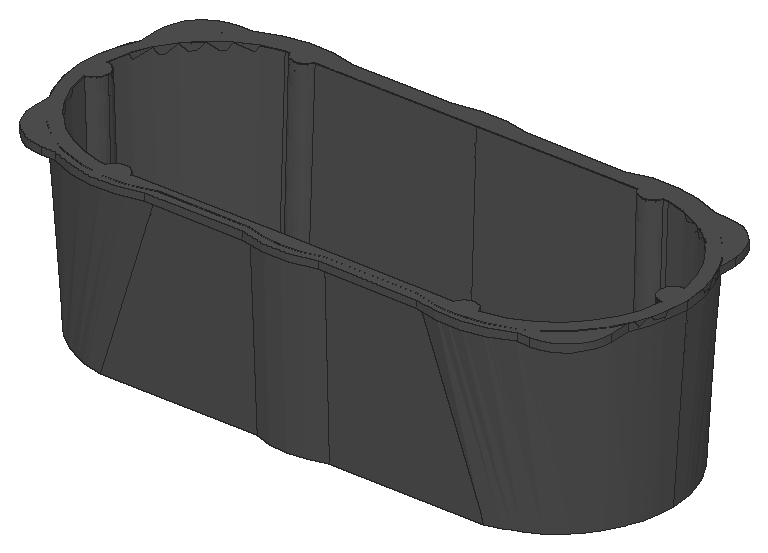
Revit family "70281", category Luminarias, Revit 2018
Family settings
  Cota de conector redondo = Diámetro de uso
  Tipo de pieza = Normal
  Número OmniClass = 23.80.70.00
  Título OmniClass = Lighting
  Se basa en plano de trabajo = Sí
  Siempre vertical = No
  Corte con vacíos al cargar = Sí
  Origen de luz = No
  Compartido = No
  Punto de cálculo de habitación = No
Parameters (values of type "70281 Recessed box DART-2")
  Voltage = ""
  URL = "https://www.faro.es/"
  Model = ""
  Fabricante = "FARO Barcelona"  # constant formula
  Lamp = ""
  FARO_URL Model = "https://faro.es/en/productos/caja-empotrable-dart-2/"
  FARO_Subcategory = ""
  FARO_Ref_Accessory = ""
  FARO_Ref = "70281"
  FARO_Model Line = "DART 2"  # constant formula
  FARO_Material_01 [instance] = FARO_Black Paint
  FARO_Last Actualization Date = "23/06/2020"  # constant formula
  FARO_EAN = "8421776183445"
  FARO_Description ES = ""
  FARO_Description EN = "Recessed box DART-2"
  FARO_Category = "Accessories"  # constant formula
  Default Elevation = 1219.2 mm
  Assembly Code = ""
Reference planes
  plane 1 "Light Source Axis (F/B)": y = 0
  plane 2: z = -0.312
  plane 3 "Light Source Axis (L/R)": x = 0
  plane 4 "Light Source Elevation": z = 800
Forms (mm)
  SweptBlend 1, solid, material "FARO_Black Paint" <- "FARO_Material_01"
    path origin (0, 0, 50) x (1, 0, 0) y (0, 0, 1)
      loop
        line (0, -50.312) -> (0, -0.312)
    profile origin (0, 0, -0.312) x (-1, 0, 0) y (0, -1, 0)
      loop
        line (9.543, -30.3) -> (50.64, -30.3)
        arc (50.64, -30.3) -> (69.149, -19.873) -> (76.659, 0) r 31.13
        arc (76.659, 0) -> (69.149, 19.873) -> (50.64, 30.3) r 31.13
        line (50.64, 30.3) -> (9.543, 30.3)
        arc (9.543, 30.3) -> (0, 32.093) -> (-9.543, 30.3) r 26.297
        line (-9.543, 30.3) -> (-50.64, 30.3)
        arc (-50.64, 30.3) -> (-69.149, 19.873) -> (-76.659, 0) r 31.13
        arc (-76.659, 0) -> (-69.149, -19.873) -> (-50.64, -30.3) r 31.13
        line (-50.64, -30.3) -> (-9.543, -30.3)
        arc (-9.543, -30.3) -> (0, -32.093) -> (9.543, -30.3) r 26.297
    end profile origin (0, 0, 49.688) x (-1, 0, 0) y (0, -1, 0)
      loop
        line (9.912, -32.3) -> (34.156, -32.3)
        arc (34.156, -32.3) -> (65.431, -27.934) -> (80.16, 0) r 34.63
        arc (80.16, 0) -> (65.431, 27.934) -> (34.156, 32.3) r 34.63
        line (34.156, 32.3) -> (9.912, 32.3)
        arc (9.912, 32.3) -> (0, 34.093) -> (-9.912, 32.3) r 28.297
        line (-9.912, 32.3) -> (-34.156, 32.3)
        arc (-34.156, 32.3) -> (-65.431, 27.934) -> (-80.16, 0) r 34.63
        arc (-80.16, 0) -> (-65.431, -27.934) -> (-34.156, -32.3) r 34.63
        line (-34.156, -32.3) -> (-9.912, -32.3)
        arc (-9.912, -32.3) -> (0, -34.093) -> (9.912, -32.3) r 28.297
  SweptBlend 2, void
    path origin (0, 0, 50) x (1, 0, 0) y (0, 0, 1)
      loop
        line (0, -50.312) -> (0, -0.312)
    profile origin (0, 0, -0.312) x (-1, 0, 0) y (0, -1, 0)
      loop
        line (0, -28.1) -> (42.679, -28.1)
        arc (42.679, -28.1) -> (45.98, -26.762) -> (49.282, -28.1) r 4.743
        line (49.282, -28.1) -> (50.455, -28.1)
        arc (50.455, -28.1) -> (65.977, -20.06) -> (74.035, -4.546) r 28.93
        arc (74.035, -4.546) -> (72.113, -2.625) -> (71.41, 0) r 5.249
        arc (71.41, 0) -> (72.113, 2.625) -> (74.035, 4.546) r 5.249
        arc (74.035, 4.546) -> (65.977, 20.06) -> (50.455, 28.1) r 28.93
        line (50.455, 28.1) -> (49.282, 28.1)
        arc (49.282, 28.1) -> (45.98, 26.762) -> (42.679, 28.1) r 4.743
        line (42.679, 28.1) -> (0, 28.1) -> (-42.679, 28.1)
        arc (-42.679, 28.1) -> (-45.98, 26.762) -> (-49.282, 28.1) r 4.743
        line (-49.282, 28.1) -> (-50.455, 28.1)
        arc (-50.455, 28.1) -> (-65.977, 20.06) -> (-74.035, 4.546) r 28.93
        arc (-74.035, 4.546) -> (-72.113, 2.625) -> (-71.41, 0) r 5.249
        arc (-71.41, 0) -> (-72.113, -2.625) -> (-74.035, -4.546) r 5.249
        arc (-74.035, -4.546) -> (-65.977, -20.06) -> (-50.455, -28.1) r 28.93
        line (-50.455, -28.1) -> (-49.282, -28.1)
        arc (-49.282, -28.1) -> (-45.98, -26.762) -> (-42.679, -28.1) r 4.743
        line (-42.679, -28.1) -> (0, -28.1)
    end profile origin (0, 0, 49.688) x (-1, 0, 0) y (0, -1, 0)
      loop
        line (0, -30.3) -> (42.704, -30.3)
        arc (42.704, -30.3) -> (46.008, -27.986) -> (49.311, -30.3) r 3.515
        line (49.311, -30.3) -> (50.64, -30.3)
        arc (50.64, -30.3) -> (67.886, -21.257) -> (76.385, -3.736) r 31.13
        arc (76.385, -3.736) -> (73.901, -2.553) -> (72.873, 0) r 3.787
        arc (72.873, 0) -> (73.901, 2.553) -> (76.385, 3.736) r 3.787
        arc (76.385, 3.736) -> (67.886, 21.257) -> (50.64, 30.3) r 31.13
        line (50.64, 30.3) -> (49.311, 30.3)
        arc (49.311, 30.3) -> (46.008, 27.986) -> (42.704, 30.3) r 3.515
        line (42.704, 30.3) -> (0, 30.3) -> (-42.704, 30.3)
        arc (-42.704, 30.3) -> (-46.008, 27.986) -> (-49.311, 30.3) r 3.515
        line (-49.311, 30.3) -> (-50.64, 30.3)
        arc (-50.64, 30.3) -> (-67.886, 21.257) -> (-76.385, 3.736) r 31.13
        arc (-76.385, 3.736) -> (-73.901, 2.553) -> (-72.873, 0) r 3.787
        arc (-72.873, 0) -> (-73.901, -2.553) -> (-76.385, -3.736) r 3.787
        arc (-76.385, -3.736) -> (-67.886, -21.257) -> (-50.64, -30.3) r 31.13
        line (-50.64, -30.3) -> (-49.311, -30.3)
        arc (-49.311, -30.3) -> (-46.008, -27.986) -> (-42.704, -30.3) r 3.515
        line (-42.704, -30.3) -> (0, -30.3)
  Extrusion 3, solid, material "FARO_Black Paint" <- "FARO_Material_01"
    sketch origin (0, 0, -0.312) x (1, 0, 0) y (0, 1, 0)
      loop
        line (0, 30.3) -> (-42.704, 30.3)
        arc (-42.704, 30.3) -> (-46.008, 27.986) -> (-49.311, 30.3) r 3.515
        line (-49.311, 30.3) -> (-50.64, 30.3)
        arc (-50.64, 30.3) -> (-67.886, 21.257) -> (-76.385, 3.736) r 31.13
        arc (-76.385, 3.736) -> (-73.901, 2.553) -> (-72.873, 0) r 3.787
        arc (-72.873, 0) -> (-73.901, -2.553) -> (-76.385, -3.736) r 3.787
        arc (-76.385, -3.736) -> (-67.886, -21.257) -> (-50.64, -30.3) r 31.13
        line (-50.64, -30.3) -> (-49.311, -30.3)
        arc (-49.311, -30.3) -> (-46.008, -27.986) -> (-42.704, -30.3) r 3.515
        line (-42.704, -30.3) -> (0, -30.3) -> (42.704, -30.3)
        arc (42.704, -30.3) -> (46.008, -27.986) -> (49.311, -30.3) r 3.515
        line (49.311, -30.3) -> (50.64, -30.3)
        arc (50.64, -30.3) -> (67.886, -21.257) -> (76.385, -3.736) r 31.13
        arc (76.385, -3.736) -> (73.901, -2.553) -> (72.873, 0) r 3.787
        arc (72.873, 0) -> (73.901, 2.553) -> (76.385, 3.736) r 3.787
        arc (76.385, 3.736) -> (67.886, 21.257) -> (50.64, 30.3) r 31.13
        line (50.64, 30.3) -> (49.311, 30.3)
        arc (49.311, 30.3) -> (46.008, 27.986) -> (42.704, 30.3) r 3.515
        line (42.704, 30.3) -> (0, 30.3)
      loop
        arc (-36.013, 34.5) -> (-48.719, 36) -> (-61.025, 32.5) r 32.637
        line (-61.025, 32.5) -> (-64.518, 32.5)
        arc (-64.518, 32.5) -> (-73.003, 28.985) -> (-76.518, 20.5) r 12
        line (-76.518, 20.5) -> (-76.518, 15.054)
        arc (-76.518, 15.054) -> (-79.191, 7.733) -> (-80.16, 0) r 34.63
        arc (-80.16, 0) -> (-79.191, -7.733) -> (-76.518, -15.054) r 34.63
        line (-76.518, -15.054) -> (-76.518, -20.5)
        arc (-76.518, -20.5) -> (-73.003, -28.985) -> (-64.518, -32.5) r 12
        line (-64.518, -32.5) -> (-61.025, -32.5)
        arc (-61.025, -32.5) -> (-48.719, -36) -> (-36.013, -34.5) r 32.637
        line (-36.013, -34.5) -> (-9.987, -34.5)
        arc (-9.987, -34.5) -> (0, -36.058) -> (9.987, -34.5) r 32.796
        line (9.987, -34.5) -> (36.013, -34.5)
        arc (36.013, -34.5) -> (48.719, -36) -> (61.025, -32.5) r 32.637
        line (61.025, -32.5) -> (64.518, -32.5)
        arc (64.518, -32.5) -> (73.003, -28.985) -> (76.518, -20.5) r 12
        line (76.518, -20.5) -> (76.518, -15.054)
        arc (76.518, -15.054) -> (79.191, -7.733) -> (80.16, 0) r 34.63
        arc (80.16, 0) -> (79.191, 7.733) -> (76.518, 15.054) r 34.63
        line (76.518, 15.054) -> (76.518, 20.5)
        arc (76.518, 20.5) -> (73.003, 28.985) -> (64.518, 32.5) r 12
        line (64.518, 32.5) -> (61.025, 32.5)
        arc (61.025, 32.5) -> (48.719, 36) -> (36.013, 34.5) r 32.637
        line (36.013, 34.5) -> (9.987, 34.5)
        arc (9.987, 34.5) -> (0, 36.058) -> (-9.987, 34.5) r 32.796
        line (-9.987, 34.5) -> (-36.013, 34.5)
    from 48 to 50
  Extrusion 4, solid, material "FARO_Black Paint" <- "FARO_Material_01"
    sketch origin (0, 0, -0.312) x (1, 0, 0) y (0, 1, 0)
      loop
        line (0, 28.1) -> (-42.679, 28.1)
        arc (-42.679, 28.1) -> (-45.98, 26.762) -> (-49.282, 28.1) r 4.743
        line (-49.282, 28.1) -> (-50.455, 28.1)
        arc (-50.455, 28.1) -> (-65.977, 20.06) -> (-74.035, 4.546) r 28.93
        arc (-74.035, 4.546) -> (-72.113, 2.625) -> (-71.41, 0) r 5.249
        arc (-71.41, 0) -> (-72.113, -2.625) -> (-74.035, -4.546) r 5.249
        arc (-74.035, -4.546) -> (-65.977, -20.06) -> (-50.455, -28.1) r 28.93
        line (-50.455, -28.1) -> (-49.282, -28.1)
        arc (-49.282, -28.1) -> (-45.98, -26.762) -> (-42.679, -28.1) r 4.743
        line (-42.679, -28.1) -> (0, -28.1) -> (42.679, -28.1)
        arc (42.679, -28.1) -> (45.98, -26.762) -> (49.282, -28.1) r 4.743
        line (49.282, -28.1) -> (50.455, -28.1)
        arc (50.455, -28.1) -> (65.977, -20.06) -> (74.035, -4.546) r 28.93
        arc (74.035, -4.546) -> (72.113, -2.625) -> (71.41, 0) r 5.249
        arc (71.41, 0) -> (72.113, 2.625) -> (74.035, 4.546) r 5.249
        arc (74.035, 4.546) -> (65.977, 20.06) -> (50.455, 28.1) r 28.93
        line (50.455, 28.1) -> (49.282, 28.1)
        arc (49.282, 28.1) -> (45.98, 26.762) -> (42.679, 28.1) r 4.743
        line (42.679, 28.1) -> (0, 28.1)
      loop
        arc (-4.94, 10.171) -> (0, 11.308) -> (4.94, 10.171) r 11.308
        line (4.94, 10.171) -> (5.634, 11.374)
        arc (5.634, 11.374) -> (0, 12.693) -> (-5.634, 11.374) r 12.693
        line (-5.634, 11.374) -> (-4.94, 10.171)
      loop
        arc (-7.033, 10.566) -> (-10.992, 6.346) -> (-12.667, 0.808) r 12.693
        line (-12.667, 0.808) -> (-11.279, 0.808)
        arc (-11.279, 0.808) -> (-9.793, 5.654) -> (-6.339, 9.364) r 11.308
        line (-6.339, 9.364) -> (-7.033, 10.566)
      loop
        arc (11.279, -0.808) -> (9.793, -5.654) -> (6.339, -9.364) r 11.308
        line (6.339, -9.364) -> (7.033, -10.566)
        arc (7.033, -10.566) -> (10.992, -6.346) -> (12.667, -0.808) r 12.693
        line (12.667, -0.808) -> (11.279, -0.808)
      loop
        arc (12.667, 0.807) -> (10.992, 6.346) -> (7.033, 10.566) r 12.693
        line (7.033, 10.566) -> (6.339, 9.364)
        arc (6.339, 9.364) -> (9.793, 5.654) -> (11.279, 0.807) r 11.308
        line (11.279, 0.807) -> (12.667, 0.807)
      loop
        arc (-6.339, -9.364) -> (-9.793, -5.654) -> (-11.279, -0.808) r 11.308
        line (-11.279, -0.808) -> (-12.667, -0.808)
        arc (-12.667, -0.808) -> (-10.992, -6.346) -> (-7.033, -10.566) r 12.693
        line (-7.033, -10.566) -> (-6.339, -9.364)
      loop
        arc (-5.634, -11.374) -> (0, -12.693) -> (5.634, -11.374) r 12.693
        line (5.634, -11.374) -> (4.94, -10.171)
        arc (4.94, -10.171) -> (0, -11.308) -> (-4.94, -10.171) r 11.308
        line (-4.94, -10.171) -> (-5.634, -11.374)
      loop
        arc (-45.94, 10.171) -> (-41, 11.308) -> (-36.06, 10.171) r 11.308
        line (-36.06, 10.171) -> (-35.366, 11.374)
        arc (-35.366, 11.374) -> (-41, 12.693) -> (-46.634, 11.374) r 12.693
        line (-46.634, 11.374) -> (-45.94, 10.171)
      loop
        arc (-48.033, 10.566) -> (-51.992, 6.346) -> (-53.667, 0.808) r 12.693
        line (-53.667, 0.808) -> (-52.279, 0.808)
        arc (-52.279, 0.808) -> (-50.793, 5.654) -> (-47.339, 9.364) r 11.308
        line (-47.339, 9.364) -> (-48.033, 10.566)
      loop
        arc (-29.721, -0.808) -> (-31.207, -5.654) -> (-34.661, -9.364) r 11.308
        line (-34.661, -9.364) -> (-33.967, -10.566)
        arc (-33.967, -10.566) -> (-30.008, -6.346) -> (-28.333, -0.808) r 12.693
        line (-28.333, -0.808) -> (-29.721, -0.808)
      loop
        arc (-28.333, 0.807) -> (-30.008, 6.346) -> (-33.967, 10.566) r 12.693
        line (-33.967, 10.566) -> (-34.661, 9.364)
        arc (-34.661, 9.364) -> (-31.207, 5.654) -> (-29.721, 0.807) r 11.308
        line (-29.721, 0.807) -> (-28.333, 0.807)
      loop
        arc (-47.339, -9.364) -> (-50.793, -5.654) -> (-52.279, -0.808) r 11.308
        line (-52.279, -0.808) -> (-53.667, -0.808)
        arc (-53.667, -0.808) -> (-51.992, -6.346) -> (-48.033, -10.566) r 12.693
        line (-48.033, -10.566) -> (-47.339, -9.364)
      loop
        arc (-46.634, -11.374) -> (-41, -12.693) -> (-35.366, -11.374) r 12.693
        line (-35.366, -11.374) -> (-36.06, -10.171)
        arc (-36.06, -10.171) -> (-41, -11.308) -> (-45.94, -10.171) r 11.308
        line (-45.94, -10.171) -> (-46.634, -11.374)
      loop
        line (45.94, 10.171) -> (46.634, 11.374)
        arc (46.634, 11.374) -> (41, 12.693) -> (35.366, 11.374) r 12.693
        line (35.366, 11.374) -> (36.06, 10.171)
        arc (36.06, 10.171) -> (41, 11.308) -> (45.94, 10.171) r 11.308
      loop
        line (48.033, 10.566) -> (47.339, 9.364)
        arc (47.339, 9.364) -> (50.793, 5.654) -> (52.279, 0.808) r 11.308
        line (52.279, 0.808) -> (53.667, 0.808)
        arc (53.667, 0.808) -> (51.992, 6.346) -> (48.033, 10.566) r 12.693
      loop
        line (29.721, -0.808) -> (28.333, -0.808)
        arc (28.333, -0.808) -> (30.008, -6.346) -> (33.967, -10.566) r 12.693
        line (33.967, -10.566) -> (34.661, -9.364)
        arc (34.661, -9.364) -> (31.207, -5.654) -> (29.721, -0.808) r 11.308
      loop
        line (28.333, 0.807) -> (29.721, 0.807)
        arc (29.721, 0.807) -> (31.207, 5.654) -> (34.661, 9.364) r 11.308
        line (34.661, 9.364) -> (33.967, 10.566)
        arc (33.967, 10.566) -> (30.008, 6.346) -> (28.333, 0.807) r 12.693
      loop
        line (47.339, -9.364) -> (48.033, -10.566)
        arc (48.033, -10.566) -> (51.992, -6.346) -> (53.667, -0.808) r 12.693
        line (53.667, -0.808) -> (52.279, -0.808)
        arc (52.279, -0.808) -> (50.793, -5.654) -> (47.339, -9.364) r 11.308
      loop
        line (46.634, -11.374) -> (45.94, -10.171)
        arc (45.94, -10.171) -> (41, -11.308) -> (36.06, -10.171) r 11.308
        line (36.06, -10.171) -> (35.366, -11.374)
        arc (35.366, -11.374) -> (41, -12.693) -> (46.634, -11.374) r 12.693
      loop
        arc (-10.381, 25.349) -> (-9.886, 22.89) -> (-8.824, 20.618) r 10.557
        line (-8.824, 20.618) -> (-7.657, 21.785)
        arc (-7.657, 21.785) -> (-8.404, 23.508) -> (-8.775, 25.349) r 8.957
        line (-8.775, 25.349) -> (-10.381, 25.349)
      loop
        arc (-7.857, 19.301) -> (-4.685, 16.802) -> (-0.808, 15.676) r 10.557
        line (-0.808, 15.676) -> (-0.808, 17.284)
        arc (-0.808, 17.284) -> (-4.071, 18.286) -> (-6.722, 20.436) r 8.957
        line (-6.722, 20.436) -> (-7.857, 19.301)
      loop
        line (10.381, 25.349) -> (8.775, 25.349)
        arc (8.775, 25.349) -> (8.404, 23.508) -> (7.657, 21.785) r 8.957
        line (7.657, 21.785) -> (8.824, 20.618)
        arc (8.824, 20.618) -> (9.886, 22.89) -> (10.381, 25.349) r 10.557
      loop
        line (7.857, 19.301) -> (6.722, 20.436)
        arc (6.722, 20.436) -> (4.071, 18.286) -> (0.808, 17.284) r 8.957
        line (0.808, 17.284) -> (0.808, 15.676)
        arc (0.808, 15.676) -> (4.685, 16.802) -> (7.857, 19.301) r 10.557
      loop
        line (-10.381, -25.349) -> (-8.775, -25.349)
        arc (-8.775, -25.349) -> (-8.404, -23.508) -> (-7.657, -21.785) r 8.957
        line (-7.657, -21.785) -> (-8.824, -20.618)
        arc (-8.824, -20.618) -> (-9.886, -22.89) -> (-10.381, -25.349) r 10.557
      loop
        line (-7.857, -19.301) -> (-6.722, -20.436)
        arc (-6.722, -20.436) -> (-4.071, -18.286) -> (-0.808, -17.284) r 8.957
        line (-0.808, -17.284) -> (-0.808, -15.676)
        arc (-0.808, -15.676) -> (-4.685, -16.802) -> (-7.857, -19.301) r 10.557
      loop
        arc (10.381, -25.349) -> (9.886, -22.89) -> (8.824, -20.618) r 10.557
        line (8.824, -20.618) -> (7.657, -21.785)
        arc (7.657, -21.785) -> (8.404, -23.508) -> (8.775, -25.349) r 8.957
        line (8.775, -25.349) -> (10.381, -25.349)
      loop
        arc (7.857, -19.301) -> (4.685, -16.802) -> (0.808, -15.676) r 10.557
        line (0.808, -15.676) -> (0.808, -17.284)
        arc (0.808, -17.284) -> (4.071, -18.286) -> (6.722, -20.436) r 8.957
        line (6.722, -20.436) -> (7.857, -19.301)
      loop
        line (-70.886, 11.168) -> (-71.596, 9.646)
        arc (-71.596, 9.646) -> (-69.05, 7.941) -> (-66.146, 6.962) r 11.604
        line (-66.146, 6.962) -> (-66.146, 8.597)
        arc (-66.146, 8.597) -> (-68.693, 9.557) -> (-70.886, 11.168) r 10.004
      loop
        arc (-64.531, 6.763) -> (-60.146, 7.379) -> (-56.311, 9.593) r 11.604
        line (-56.311, 9.593) -> (-57.446, 10.727)
        arc (-57.446, 10.727) -> (-60.76, 8.86) -> (-64.531, 8.365) r 10.004
        line (-64.531, 8.365) -> (-64.531, 6.763)
      loop
        arc (-55.169, 10.734) -> (-52.953, 14.569) -> (-52.335, 18.954) r 11.604
        line (-52.335, 18.954) -> (-53.938, 18.954)
        arc (-53.938, 18.954) -> (-54.434, 15.183) -> (-56.303, 11.869) r 10.004
        line (-56.303, 11.869) -> (-55.169, 10.734)
      loop
        arc (-52.534, 20.569) -> (-53.469, 23.385) -> (-55.087, 25.872) r 11.604
        line (-55.087, 25.872) -> (-56.6, 25.166)
        arc (-56.6, 25.166) -> (-55.081, 23.028) -> (-54.169, 20.569) r 10.004
        line (-54.169, 20.569) -> (-52.534, 20.569)
      loop
        line (70.886, -11.168) -> (71.596, -9.646)
        arc (71.596, -9.646) -> (69.05, -7.941) -> (66.146, -6.962) r 11.604
        line (66.146, -6.962) -> (66.146, -8.597)
        arc (66.146, -8.597) -> (68.693, -9.557) -> (70.886, -11.168) r 10.004
      loop
        arc (64.531, -6.763) -> (60.146, -7.379) -> (56.311, -9.593) r 11.604
        line (56.311, -9.593) -> (57.446, -10.727)
        arc (57.446, -10.727) -> (60.76, -8.86) -> (64.531, -8.365) r 10.004
        line (64.531, -8.365) -> (64.531, -6.763)
      loop
        arc (55.169, -10.734) -> (52.953, -14.569) -> (52.335, -18.954) r 11.604
        line (52.335, -18.954) -> (53.938, -18.954)
        arc (53.938, -18.954) -> (54.434, -15.183) -> (56.303, -11.869) r 10.004
        line (56.303, -11.869) -> (55.169, -10.734)
      loop
        arc (52.534, -20.569) -> (53.469, -23.385) -> (55.087, -25.872) r 11.604
        line (55.087, -25.872) -> (56.6, -25.166)
        arc (56.6, -25.166) -> (55.081, -23.028) -> (54.169, -20.569) r 10.004
        line (54.169, -20.569) -> (52.534, -20.569)
    from 0 to 3.2
Cuts and joins
  SweptBlend 2 cuts SweptBlend 1
Dimensions and locks
  aligned and locked: level to plane 2
